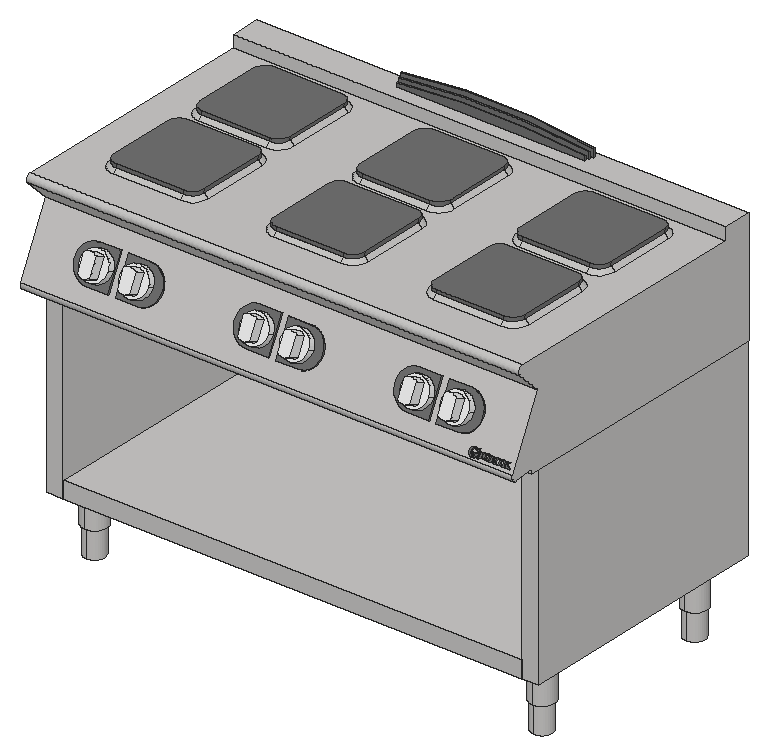
Revit family "QF_GIORIK_CE76QG", category Specialty Equipment, Revit 2014
Parameters (values of type "CE76QG")
  Weight in Pounds = 220.462
  Watts = 15600 W
  Volts = 400 V
  URL Cutsheet = "www.giorik.com"
  URL = "www.giorik.com"
  Status [instance] = ""
  Specification by User [instance] = ""
  Specification by Manufacturer = ""
  Show Logo [instance] = yes
  Show Clearance [instance] = yes
  Serial Number = ""
  Seismic Rating = ""
  SMACNA No = ""
  Revision Code [instance] = ""
  Phase = 3
  Number of Poles [instance] = 3
  NAFEM Spec ID Number = ""
  Model = "CE76QG"
  Min Ckt Ampacity = 0 A
  Max Overcurrent Protection = 0 A
  Masterspec = ""
  Manufacturer = "GIORIK"
  Item Number [instance] = ""
  Installed By [instance] = ""
  Identify Quantity as Lot [instance] = no
  HP = "20.919912000000"
  Furnished By [instance] = ""
  Foodservice Equipment Identifier [instance] = yes
  FL Amps = 0 A
  Electrical Remarks [instance] = ""
  Electric Connection Type [instance] = ""
  Elec Conn RI Height [instance] = 0 mm
  Elec Conn Connection Height [instance] = 150 mm
  Description = "6 ELECTRIC SQUARE PLATE HOB ON OPEN BASE UNIT"
  Cycle = 50 Hz
  Conn Plug = ""
  CSI MasterFormat = ""
  Assembly Code = "E1090320"
  Apparent Power = 15600 VA
Reference planes
  plane 1 "Back": y = 0
  plane 2: z = 0
  plane 3 "Left": x = 0
  plane 4 "Right": x = 1200
  plane 5 "Front": y = -720
  plane 6 "Top": z = 900
Forms (mm)
  Extrusion 1, solid, visible <- "Show Logo"
    sketch origin (996.604, -736.761, 609.486) x (-1, 0, 0) y (0, 0.452718, 0.891654)
      loop
        line (-118.824, 58.358) -> (-127.804, 58.358) -> (-125.523, 56.445) -> (-125.523, 48.027) -> (-127.804, 46.113) -> (-118.824, 46.113) -> (-121.105, 48.027) -> (-121.105, 56.445) -> (-118.824, 58.358)
      loop
        line (-163.721, 58.358) -> (-172.7, 58.358) -> (-170.42, 56.445) -> (-170.42, 48.027) -> (-172.7, 46.113) -> (-163.721, 46.113) -> (-166.001, 48.027) -> (-166.001, 56.445) -> (-163.721, 58.358)
      loop
        line (-174.332, 58.358) -> (-183.312, 58.358) -> (-181.031, 56.445) -> (-181.031, 52.435) -> (-186.419, 56.955) -> (-184.416, 58.358) -> (-191.268, 58.358) -> (-188.01, 56.839) -> (-185.455, 54.283) -> (-190.846, 47.858) -> (-193.396, 46.93) -> (-193.396, 46.113) -> (-184.416, 46.113) -> (-185.437, 47.571) -> (-182.443, 51.552) -> (-181.031, 50.894) -> (-181.031, 48.027) -> (-183.312, 46.113) -> (-174.332, 46.113) -> (-176.613, 48.027) -> (-176.613, 56.445) -> (-174.332, 58.358)
      loop
        line (-115.429, 62.063) -> (-115.429, 54.198)
        arc (-115.429, 54.198) -> (-111.618, 57.803) -> (-106.847, 59.986) r 16.039
        arc (-106.847, 59.986) -> (-103.314, 59.837) -> (-100.512, 57.68) r 5.851
        arc (-100.512, 57.68) -> (-98.815, 52.267) -> (-100.512, 46.853) r 9.479
        arc (-100.512, 46.853) -> (-102.406, 44.986) -> (-104.846, 43.93) r 7.236
        arc (-104.846, 43.93) -> (-107.728, 44.111) -> (-110.052, 45.825) r 5.11
        line (-110.052, 45.825) -> (-110.052, 52.001) -> (-116.141, 52.001) -> (-116.141, 45.503) -> (-117.893, 43.751) -> (-114.094, 44.769)
        arc (-114.094, 44.769) -> (-112.56, 44.947) -> (-111.129, 44.366) r 3.115
        arc (-111.129, 44.366) -> (-104.216, 42.091) -> (-97.303, 44.366) r 11.641
        arc (-97.303, 44.366) -> (-93.396, 52.107) -> (-97.303, 59.849) r 9.622
        arc (-97.303, 59.849) -> (-104.369, 62.174) -> (-111.435, 59.849) r 11.898
        line (-111.435, 59.849) -> (-115.429, 62.063)
      loop
        arc (-129.234, 56.068) -> (-135.893, 58.628) -> (-142.552, 56.068) r 9.941
        arc (-142.552, 56.068) -> (-144.234, 52.286) -> (-142.552, 48.505) r 5.093
        arc (-142.552, 48.505) -> (-135.893, 45.945) -> (-129.234, 48.505) r 9.941
        arc (-129.234, 48.505) -> (-127.552, 52.286) -> (-129.234, 56.068) r 5.093
      loop
        arc (-132.628, 54.403) -> (-135.893, 57.668) -> (-139.158, 54.403) r 3.265
        line (-139.158, 54.403) -> (-139.158, 50.169)
        arc (-139.158, 50.169) -> (-135.893, 46.904) -> (-132.628, 50.169) r 3.265
        line (-132.628, 50.169) -> (-132.628, 54.403)
      loop
        arc (-156.363, 58.365) -> (-159.647, 55.081) -> (-156.363, 51.796) r 3.285
        line (-156.363, 51.796) -> (-159.529, 47.306) -> (-162.087, 46.113) -> (-155.847, 46.113) -> (-153.529, 51.083) -> (-150.637, 51.083) -> (-150.637, 47.784) -> (-153.022, 46.113) -> (-144.011, 46.113) -> (-146.094, 47.68) -> (-146.094, 56.493) -> (-144.229, 58.365) -> (-156.363, 58.365)
      loop
        line (-150.637, 57.512) -> (-153.637, 57.512)
        arc (-153.637, 57.512) -> (-156.237, 54.912) -> (-153.637, 52.312) r 2.6
        line (-153.637, 52.312) -> (-150.637, 52.312) -> (-150.637, 57.512)
      loop
        line (-108.924, 52.001) -> (-104.936, 49.005) -> (-100.948, 52.001) -> (-108.924, 52.001)
    from 1.5 to -0.5
  Extrusion 2, solid
    sketch origin (-16, 1025.81, 0) x (1, 0, 0) y (0, 1, 0)
      loop
        line (25, -1086.81) -> (25, -1156.81) -> (115, -1156.81) -> (115, -1086.81) -> (25, -1086.81)
    from 148 to 150
  Extrusion 3, solid
    sketch origin (-4, 0, 130) x (1, 0, 0) y (0, 1, 0)
      loop
        circle (54, -385) r 12.5
    from 0 to 20
  Extrusion 4, solid
    sketch origin (0, 1000, -20) x (0, 1, 0) y (0, 0, 1)
      loop
        line (-1000, 919.988) -> (-1070, 919.988) -> (-1070, 889.988) -> (-1688.806, 889.988)
        arc (-1688.806, 889.988) -> (-1699.151, 883.075) -> (-1696.724, 870.873) r 11.197
        line (-1696.724, 870.873) -> (-1640.876, 815.025) -> (-1718.948, 661.258)
        arc (-1718.948, 661.258) -> (-1718.233, 650.105) -> (-1708.118, 645.354) r 10.981
        line (-1708.118, 645.354) -> (-1660, 649.925) -> (-1660, 640) -> (-1000, 640) -> (-1000, 919.988)
    from 0 to 1200
  Extrusion 5, solid
    sketch origin (0, 0, 599.536) x (1, 0, 0) y (0, 1, 0)
      loop
        line (0, -640) -> (40, -640) -> (40, -40) -> (1160, -40) -> (1160, -640) -> (1200, -640) -> (1200, 0) -> (0, 0) -> (0, -640)
    from -449.536 to 20.464
  Extrusion 6, solid
    sketch origin (0, 0, 0) x (1, 0, 0) y (0, 1, 0)
      loop
        line (40, -40) -> (40, -640) -> (1160, -640) -> (1160, -40) -> (40, -40)
    from 150 to 190
  Extrusion 7, solid
    sketch origin (-16, 560.81, 0) x (1, 0, 0) y (0, 1, 0)
      loop
        line (25, -1086.81) -> (25, -1156.81) -> (115, -1156.81) -> (115, -1086.81) -> (25, -1086.81)
    from 148 to 150
  Revolve 8, solid
    sketch origin (54, 560.81, 0) x (0, 1, 0) y (0, 0, 1)
      loop
        line (-1092.56, 66) -> (-1092.56, 148) -> (-1121.81, 148) -> (-1121.81, 0) -> (-1096.81, 0) -> (-1096.81, 66) -> (-1092.56, 66)
      axis (-1121.81, 0) -> (-1121.81, 148)
    angle from 0 to 360
  Revolve 9, solid
    sketch origin (54, 1025.81, 0) x (0, 1, 0) y (0, 0, 1)
      loop
        line (-1092.56, 66) -> (-1092.56, 148) -> (-1121.81, 148) -> (-1121.81, 0) -> (-1096.81, 0) -> (-1096.81, 66) -> (-1092.56, 66)
      axis (-1121.81, 0) -> (-1121.81, 148)
    angle from 0 to 360
  Extrusion 10, solid
    sketch origin (1216, 560.81, 0) x (-1, 0, 0) y (0, -1, 0)
      loop
        line (25, 1086.81) -> (115, 1086.81) -> (115, 1156.81) -> (25, 1156.81) -> (25, 1086.81)
    from 148 to 150
  Revolve 11, solid
    sketch origin (1146, 560.81, 0) x (0, 1, 0) y (0, 0, -1)
      loop
        line (-1092.56, -66) -> (-1096.81, -66) -> (-1096.81, 0) -> (-1121.81, 0) -> (-1121.81, -148) -> (-1092.56, -148) -> (-1092.56, -66)
      axis (-1121.81, 0) -> (-1121.81, -148)
    angle from 0 to 360
  Extrusion 12, solid
    sketch origin (1216, -1217.81, 0) x (-1, 0, 0) y (0, -1, 0)
      loop
        line (25, -1086.81) -> (25, -1156.81) -> (115, -1156.81) -> (115, -1086.81) -> (25, -1086.81)
    from 148 to 150
  Revolve 13, solid
    sketch origin (1146, -1217.81, 0) x (0, -1, 0) y (0, 0, 1)
      loop
        line (-1092.56, 66) -> (-1092.56, 148) -> (-1121.81, 148) -> (-1121.81, 0) -> (-1096.81, 0) -> (-1096.81, 66) -> (-1092.56, 66)
      axis (-1121.81, 0) -> (-1121.81, 148)
    angle from 0 to 360
  Extrusion 14, solid
    sketch origin (-263.221, -963.345, 52.363) x (1, 0, 0) y (0, 0.452718, 0.891654)
      loop
        line (463.221, 676.25) -> (463.221, 766.25) -> (409.698, 766.25)
        arc (409.698, 766.25) -> (364.698, 721.25) -> (409.698, 676.25) r 45
        line (409.698, 676.25) -> (463.221, 676.25)
    from 48 to 50
  Extrusion 15, solid
    sketch origin (511.331, -1008.697, 74.959) x (-1, 0, 0) y (0, -0.45351, -0.891251)
      loop
        circle (351.331, -721.346) r 35
    from 0 to 15
  Extrusion 16, solid
    sketch origin (511.331, -1008.697, 74.959) x (-1, 0, 0) y (0, -0.45351, -0.891251)
      loop
        arc (336.331, -743.846) -> (351.331, -748.846) -> (366.331, -743.846) r 25
        line (366.331, -743.846) -> (366.331, -698.846)
        arc (366.331, -698.846) -> (351.331, -693.846) -> (336.331, -698.846) r 25
        line (336.331, -698.846) -> (336.331, -743.846)
    from 15 to 40
  Extrusion 17, solid
    sketch origin (681.221, -963.345, 52.363) x (-1, 0, 0) y (0, -0.452718, -0.891654)
      loop
        line (463.221, -676.25) -> (409.698, -676.25)
        arc (409.698, -676.25) -> (364.698, -721.25) -> (409.698, -766.25) r 45
        line (409.698, -766.25) -> (463.221, -766.25) -> (463.221, -676.25)
    from 48 to 50
  Extrusion 18, solid
    sketch origin (-93.331, -1008.697, 74.959) x (1, 0, 0) y (0, 0.45351, 0.891251)
      loop
        circle (351.331, 721.346) r 35
    from 0 to 15
  Extrusion 19, solid
    sketch origin (-93.331, -1008.697, 74.959) x (1, 0, 0) y (0, 0.45351, 0.891251)
      loop
        line (336.331, 743.846) -> (336.331, 698.846)
        arc (336.331, 698.846) -> (351.331, 693.846) -> (366.331, 698.846) r 25
        line (366.331, 698.846) -> (366.331, 743.846)
        arc (366.331, 743.846) -> (351.331, 748.846) -> (336.331, 743.846) r 25
    from 15 to 40
  Extrusion 20, solid
    sketch origin (236.031, 0, -10.001) x (1, 0, 0) y (0, 0, 1)
      loop
        line (135, 909.989) -> (592.969, 909.989) -> (592.969, 919.989) -> (440.969, 929.989) -> (287, 929.989) -> (135, 919.989) -> (135, 909.989)
    from 32 to 35
  Extrusion 21, solid
    sketch origin (238, 10, -10.001) x (1, 0, 0) y (0, 0, 1)
      loop
        line (594, 909.989) -> (594, 924.989) -> (440, 937.489) -> (284, 937.489) -> (130, 925.001) -> (130, 909.989) -> (594, 909.989)
    from 32 to 35
  Extrusion 22, solid
    sketch origin (240, 20, -10.001) x (1, 0, 0) y (0, 0, 1)
      loop
        line (595, 909.989) -> (595, 930.001) -> (439, 945.258) -> (281, 945.258) -> (125, 929.989) -> (125, 909.989) -> (595, 909.989)
    from 32 to 35
  Extrusion 23, solid
    sketch origin (801.002, 17.5, 864.988) x (0, 1, 0) y (-1, 0, 0)
      loop
        arc (-121.5, -108) -> (-129.701, -88.201) -> (-149.5, -80) r 28
        line (-149.5, -80) -> (-313.5, -80)
        arc (-313.5, -80) -> (-333.299, -88.201) -> (-341.5, -108) r 28
        line (-341.5, -108) -> (-341.5, -271.998)
        arc (-341.5, -271.998) -> (-333.299, -291.797) -> (-313.5, -299.998) r 28
        line (-313.5, -299.998) -> (-149.5, -299.998)
        arc (-149.5, -299.998) -> (-129.701, -291.797) -> (-121.5, -271.998) r 28
        line (-121.5, -271.998) -> (-121.5, -108)
    from 23 to 15
  Blend 24, solid
    base sketch origin (1545.362, -805.004, 869.988) x (0, 1, 0) y (-1, 0, 0)
      loop
        arc (710.004, 636.36) -> (699.167, 662.523) -> (673.004, 673.36) r 37
        line (673.004, 673.36) -> (509.004, 673.36)
        arc (509.004, 673.36) -> (482.841, 662.523) -> (472.004, 636.36) r 37
        line (472.004, 636.36) -> (472.004, 472.362)
        arc (472.004, 472.362) -> (482.841, 446.199) -> (509.004, 435.362) r 37
        line (509.004, 435.362) -> (673.004, 435.362)
        arc (673.004, 435.362) -> (699.167, 446.199) -> (710.004, 472.362) r 37
        line (710.004, 472.362) -> (710.004, 636.36)
    top sketch origin (1545.362, -805.004, 900) x (0, 1, 0) y (-1, 0, 0)
      loop
        arc (701.004, 636.36) -> (692.803, 656.159) -> (673.004, 664.36) r 28
        line (673.004, 664.36) -> (509.004, 664.36)
        arc (509.004, 664.36) -> (489.205, 656.159) -> (481.004, 636.36) r 28
        line (481.004, 636.36) -> (481.004, 472.362)
        arc (481.004, 472.362) -> (489.205, 452.563) -> (509.004, 444.362) r 28
        line (509.004, 444.362) -> (673.004, 444.362)
        arc (673.004, 444.362) -> (692.803, 452.563) -> (701.004, 472.362) r 28
        line (701.004, 472.362) -> (701.004, 636.36)
    from 0 to -20.012
  Extrusion 25, solid
    sketch origin (19, 17.5, 864.988) x (0, 1, 0) y (-1, 0, 0)
      loop
        arc (-121.5, -108) -> (-129.701, -88.201) -> (-149.5, -80) r 28
        line (-149.5, -80) -> (-313.5, -80)
        arc (-313.5, -80) -> (-333.299, -88.201) -> (-341.5, -108) r 28
        line (-341.5, -108) -> (-341.5, -271.998)
        arc (-341.5, -271.998) -> (-333.299, -291.797) -> (-313.5, -299.998) r 28
        line (-313.5, -299.998) -> (-149.5, -299.998)
        arc (-149.5, -299.998) -> (-129.701, -291.797) -> (-121.5, -271.998) r 28
        line (-121.5, -271.998) -> (-121.5, -108)
    from 23 to 15
  Blend 26, solid
    base sketch origin (763.36, -805.004, 869.988) x (0, 1, 0) y (-1, 0, 0)
      loop
        arc (710.004, 636.36) -> (699.167, 662.523) -> (673.004, 673.36) r 37
        line (673.004, 673.36) -> (509.004, 673.36)
        arc (509.004, 673.36) -> (482.841, 662.523) -> (472.004, 636.36) r 37
        line (472.004, 636.36) -> (472.004, 472.362)
        arc (472.004, 472.362) -> (482.841, 446.199) -> (509.004, 435.362) r 37
        line (509.004, 435.362) -> (673.004, 435.362)
        arc (673.004, 435.362) -> (699.167, 446.199) -> (710.004, 472.362) r 37
        line (710.004, 472.362) -> (710.004, 636.36)
    top sketch origin (763.36, -805.004, 900) x (0, 1, 0) y (-1, 0, 0)
      loop
        arc (701.004, 636.36) -> (692.803, 656.159) -> (673.004, 664.36) r 28
        line (673.004, 664.36) -> (509.004, 664.36)
        arc (509.004, 664.36) -> (489.205, 656.159) -> (481.004, 636.36) r 28
        line (481.004, 636.36) -> (481.004, 472.362)
        arc (481.004, 472.362) -> (489.205, 452.563) -> (509.004, 444.362) r 28
        line (509.004, 444.362) -> (673.004, 444.362)
        arc (673.004, 444.362) -> (692.803, 452.563) -> (701.004, 472.362) r 28
        line (701.004, 472.362) -> (701.004, 636.36)
    from 0 to -20.012
  Extrusion 27, solid
    sketch origin (410.001, 17.5, 864.988) x (0, 1, 0) y (-1, 0, 0)
      loop
        arc (-121.5, -108) -> (-129.701, -88.201) -> (-149.5, -80) r 28
        line (-149.5, -80) -> (-313.5, -80)
        arc (-313.5, -80) -> (-333.299, -88.201) -> (-341.5, -108) r 28
        line (-341.5, -108) -> (-341.5, -271.998)
        arc (-341.5, -271.998) -> (-333.299, -291.797) -> (-313.5, -299.998) r 28
        line (-313.5, -299.998) -> (-149.5, -299.998)
        arc (-149.5, -299.998) -> (-129.701, -291.797) -> (-121.5, -271.998) r 28
        line (-121.5, -271.998) -> (-121.5, -108)
    from 23 to 15
  Blend 28, solid
    base sketch origin (1154.361, -805.004, 869.988) x (0, 1, 0) y (-1, 0, 0)
      loop
        arc (710.004, 636.36) -> (699.167, 662.523) -> (673.004, 673.36) r 37
        line (673.004, 673.36) -> (509.004, 673.36)
        arc (509.004, 673.36) -> (482.841, 662.523) -> (472.004, 636.36) r 37
        line (472.004, 636.36) -> (472.004, 472.362)
        arc (472.004, 472.362) -> (482.841, 446.199) -> (509.004, 435.362) r 37
        line (509.004, 435.362) -> (673.004, 435.362)
        arc (673.004, 435.362) -> (699.167, 446.199) -> (710.004, 472.362) r 37
        line (710.004, 472.362) -> (710.004, 636.36)
    top sketch origin (1154.361, -805.004, 900) x (0, 1, 0) y (-1, 0, 0)
      loop
        arc (701.004, 636.36) -> (692.803, 656.159) -> (673.004, 664.36) r 28
        line (673.004, 664.36) -> (509.004, 664.36)
        arc (509.004, 664.36) -> (489.205, 656.159) -> (481.004, 636.36) r 28
        line (481.004, 636.36) -> (481.004, 472.362)
        arc (481.004, 472.362) -> (489.205, 452.563) -> (509.004, 444.362) r 28
        line (509.004, 444.362) -> (673.004, 444.362)
        arc (673.004, 444.362) -> (692.803, 452.563) -> (701.004, 472.362) r 28
        line (701.004, 472.362) -> (701.004, 636.36)
    from 0 to -20.012
  Extrusion 29, solid
    sketch origin (801.002, -707.5, 864.988) x (0, -1, 0) y (1, 0, 0)
      loop
        line (-121.5, 108) -> (-121.5, 271.998)
        arc (-121.5, 271.998) -> (-129.701, 291.797) -> (-149.5, 299.998) r 28
        line (-149.5, 299.998) -> (-313.5, 299.998)
        arc (-313.5, 299.998) -> (-333.299, 291.797) -> (-341.5, 271.998) r 28
        line (-341.5, 271.998) -> (-341.5, 108)
        arc (-341.5, 108) -> (-333.299, 88.201) -> (-313.5, 80) r 28
        line (-313.5, 80) -> (-149.5, 80)
        arc (-149.5, 80) -> (-129.701, 88.201) -> (-121.5, 108) r 28
    from 23 to 15
  Blend 30, solid
    base sketch origin (1545.362, 115.004, 869.988) x (0, -1, 0) y (1, 0, 0)
      loop
        line (710.004, -636.36) -> (710.004, -472.362)
        arc (710.004, -472.362) -> (699.167, -446.199) -> (673.004, -435.362) r 37
        line (673.004, -435.362) -> (509.004, -435.362)
        arc (509.004, -435.362) -> (482.841, -446.199) -> (472.004, -472.362) r 37
        line (472.004, -472.362) -> (472.004, -636.36)
        arc (472.004, -636.36) -> (482.841, -662.523) -> (509.004, -673.36) r 37
        line (509.004, -673.36) -> (673.004, -673.36)
        arc (673.004, -673.36) -> (699.167, -662.523) -> (710.004, -636.36) r 37
    top sketch origin (1545.362, 115.004, 900) x (0, -1, 0) y (1, 0, 0)
      loop
        line (701.004, -636.36) -> (701.004, -472.362)
        arc (701.004, -472.362) -> (692.803, -452.563) -> (673.004, -444.362) r 28
        line (673.004, -444.362) -> (509.004, -444.362)
        arc (509.004, -444.362) -> (489.205, -452.563) -> (481.004, -472.362) r 28
        line (481.004, -472.362) -> (481.004, -636.36)
        arc (481.004, -636.36) -> (489.205, -656.159) -> (509.004, -664.36) r 28
        line (509.004, -664.36) -> (673.004, -664.36)
        arc (673.004, -664.36) -> (692.803, -656.159) -> (701.004, -636.36) r 28
    from 0 to -20.012
  Extrusion 31, solid
    sketch origin (19, -707.5, 864.988) x (0, -1, 0) y (1, 0, 0)
      loop
        line (-121.5, 108) -> (-121.5, 271.998)
        arc (-121.5, 271.998) -> (-129.701, 291.797) -> (-149.5, 299.998) r 28
        line (-149.5, 299.998) -> (-313.5, 299.998)
        arc (-313.5, 299.998) -> (-333.299, 291.797) -> (-341.5, 271.998) r 28
        line (-341.5, 271.998) -> (-341.5, 108)
        arc (-341.5, 108) -> (-333.299, 88.201) -> (-313.5, 80) r 28
        line (-313.5, 80) -> (-149.5, 80)
        arc (-149.5, 80) -> (-129.701, 88.201) -> (-121.5, 108) r 28
    from 23 to 15
  Blend 32, solid
    base sketch origin (763.36, 115.004, 869.988) x (0, -1, 0) y (1, 0, 0)
      loop
        line (710.004, -636.36) -> (710.004, -472.362)
        arc (710.004, -472.362) -> (699.167, -446.199) -> (673.004, -435.362) r 37
        line (673.004, -435.362) -> (509.004, -435.362)
        arc (509.004, -435.362) -> (482.841, -446.199) -> (472.004, -472.362) r 37
        line (472.004, -472.362) -> (472.004, -636.36)
        arc (472.004, -636.36) -> (482.841, -662.523) -> (509.004, -673.36) r 37
        line (509.004, -673.36) -> (673.004, -673.36)
        arc (673.004, -673.36) -> (699.167, -662.523) -> (710.004, -636.36) r 37
    top sketch origin (763.36, 115.004, 900) x (0, -1, 0) y (1, 0, 0)
      loop
        line (701.004, -636.36) -> (701.004, -472.362)
        arc (701.004, -472.362) -> (692.803, -452.563) -> (673.004, -444.362) r 28
        line (673.004, -444.362) -> (509.004, -444.362)
        arc (509.004, -444.362) -> (489.205, -452.563) -> (481.004, -472.362) r 28
        line (481.004, -472.362) -> (481.004, -636.36)
        arc (481.004, -636.36) -> (489.205, -656.159) -> (509.004, -664.36) r 28
        line (509.004, -664.36) -> (673.004, -664.36)
        arc (673.004, -664.36) -> (692.803, -656.159) -> (701.004, -636.36) r 28
    from 0 to -20.012
  Extrusion 33, solid
    sketch origin (410.001, -707.5, 864.988) x (0, -1, 0) y (1, 0, 0)
      loop
        line (-121.5, 108) -> (-121.5, 271.998)
        arc (-121.5, 271.998) -> (-129.701, 291.797) -> (-149.5, 299.998) r 28
        line (-149.5, 299.998) -> (-313.5, 299.998)
        arc (-313.5, 299.998) -> (-333.299, 291.797) -> (-341.5, 271.998) r 28
        line (-341.5, 271.998) -> (-341.5, 108)
        arc (-341.5, 108) -> (-333.299, 88.201) -> (-313.5, 80) r 28
        line (-313.5, 80) -> (-149.5, 80)
        arc (-149.5, 80) -> (-129.701, 88.201) -> (-121.5, 108) r 28
    from 23 to 15
  Blend 34, solid
    base sketch origin (1154.361, 115.004, 869.988) x (0, -1, 0) y (1, 0, 0)
      loop
        line (710.004, -636.36) -> (710.004, -472.362)
        arc (710.004, -472.362) -> (699.167, -446.199) -> (673.004, -435.362) r 37
        line (673.004, -435.362) -> (509.004, -435.362)
        arc (509.004, -435.362) -> (482.841, -446.199) -> (472.004, -472.362) r 37
        line (472.004, -472.362) -> (472.004, -636.36)
        arc (472.004, -636.36) -> (482.841, -662.523) -> (509.004, -673.36) r 37
        line (509.004, -673.36) -> (673.004, -673.36)
        arc (673.004, -673.36) -> (699.167, -662.523) -> (710.004, -636.36) r 37
    top sketch origin (1154.361, 115.004, 900) x (0, -1, 0) y (1, 0, 0)
      loop
        line (701.004, -636.36) -> (701.004, -472.362)
        arc (701.004, -472.362) -> (692.803, -452.563) -> (673.004, -444.362) r 28
        line (673.004, -444.362) -> (509.004, -444.362)
        arc (509.004, -444.362) -> (489.205, -452.563) -> (481.004, -472.362) r 28
        line (481.004, -472.362) -> (481.004, -636.36)
        arc (481.004, -636.36) -> (489.205, -656.159) -> (509.004, -664.36) r 28
        line (509.004, -664.36) -> (673.004, -664.36)
        arc (673.004, -664.36) -> (692.803, -656.159) -> (701.004, -636.36) r 28
    from 0 to -20.012
  Extrusion 35, solid
    sketch origin (1072.217, -963.345, 52.363) x (-1, 0, 0) y (0, -0.452718, -0.891654)
      loop
        line (463.221, -676.25) -> (409.698, -676.25)
        arc (409.698, -676.25) -> (364.698, -721.25) -> (409.698, -766.25) r 45
        line (409.698, -766.25) -> (463.221, -766.25) -> (463.221, -676.25)
    from 48 to 50
  Extrusion 36, solid
    sketch origin (297.665, -1008.697, 74.959) x (1, 0, 0) y (0, 0.45351, 0.891251)
      loop
        circle (351.331, 721.346) r 35
    from 0 to 15
  Extrusion 37, solid
    sketch origin (297.665, -1008.697, 74.959) x (1, 0, 0) y (0, 0.45351, 0.891251)
      loop
        line (336.331, 743.846) -> (336.331, 698.846)
        arc (336.331, 698.846) -> (351.331, 693.846) -> (366.331, 698.846) r 25
        line (366.331, 698.846) -> (366.331, 743.846)
        arc (366.331, 743.846) -> (351.331, 748.846) -> (336.331, 743.846) r 25
    from 15 to 40
  Extrusion 38, solid
    sketch origin (127.775, -963.345, 52.363) x (1, 0, 0) y (0, 0.452718, 0.891654)
      loop
        line (463.221, 676.25) -> (463.221, 766.25) -> (409.698, 766.25)
        arc (409.698, 766.25) -> (364.698, 721.25) -> (409.698, 676.25) r 45
        line (409.698, 676.25) -> (463.221, 676.25)
    from 48 to 50
  Extrusion 39, solid
    sketch origin (902.327, -1008.697, 74.959) x (-1, 0, 0) y (0, -0.45351, -0.891251)
      loop
        circle (351.331, -721.346) r 35
    from 0 to 15
  Extrusion 40, solid
    sketch origin (902.327, -1008.697, 74.959) x (-1, 0, 0) y (0, -0.45351, -0.891251)
      loop
        arc (336.331, -743.846) -> (351.331, -748.846) -> (366.331, -743.846) r 25
        line (366.331, -743.846) -> (366.331, -698.846)
        arc (366.331, -698.846) -> (351.331, -693.846) -> (336.331, -698.846) r 25
        line (336.331, -698.846) -> (336.331, -743.846)
    from 15 to 40
  Extrusion 41, solid
    sketch origin (518.781, -963.345, 52.363) x (1, 0, 0) y (0, 0.452718, 0.891654)
      loop
        line (463.221, 676.25) -> (463.221, 766.25) -> (409.698, 766.25)
        arc (409.698, 766.25) -> (364.698, 721.25) -> (409.698, 676.25) r 45
        line (409.698, 676.25) -> (463.221, 676.25)
    from 48 to 50
  Extrusion 42, solid
    sketch origin (1293.333, -1008.697, 74.959) x (-1, 0, 0) y (0, -0.45351, -0.891251)
      loop
        circle (351.331, -721.346) r 35
    from 0 to 15
  Extrusion 43, solid
    sketch origin (1293.333, -1008.697, 74.959) x (-1, 0, 0) y (0, -0.45351, -0.891251)
      loop
        arc (336.331, -743.846) -> (351.331, -748.846) -> (366.331, -743.846) r 25
        line (366.331, -743.846) -> (366.331, -698.846)
        arc (366.331, -698.846) -> (351.331, -693.846) -> (336.331, -698.846) r 25
        line (336.331, -698.846) -> (336.331, -743.846)
    from 15 to 40
  Extrusion 44, solid
    sketch origin (1463.223, -963.345, 52.363) x (-1, 0, 0) y (0, -0.452718, -0.891654)
      loop
        line (463.221, -676.25) -> (409.698, -676.25)
        arc (409.698, -676.25) -> (364.698, -721.25) -> (409.698, -766.25) r 45
        line (409.698, -766.25) -> (463.221, -766.25) -> (463.221, -676.25)
    from 48 to 50
  Extrusion 45, solid
    sketch origin (688.671, -1008.697, 74.959) x (1, 0, 0) y (0, 0.45351, 0.891251)
      loop
        circle (351.331, 721.346) r 35
    from 0 to 15
  Extrusion 46, solid
    sketch origin (688.671, -1008.697, 74.959) x (1, 0, 0) y (0, 0.45351, 0.891251)
      loop
        line (336.331, 743.846) -> (336.331, 698.846)
        arc (336.331, 698.846) -> (351.331, 693.846) -> (366.331, 698.846) r 25
        line (366.331, 698.846) -> (366.331, 743.846)
        arc (366.331, 743.846) -> (351.331, 748.846) -> (336.331, 743.846) r 25
    from 15 to 40
Lines and regions (mm)
  symbolic lines, style "200-EquipBorder-2D"
    curve 1: line (0, -720, 0) -> (1200, -720, 0)
    curve 2: line (1200, -720, 0) -> (1200, 0, 0)
    curve 3: line (1200, 0, 0) -> (0, 0, 0)
    curve 4: line (0, 0, 0) -> (0, -720, 0)
  symbolic lines, style "200-EquipInternal-2D"
    curve 5: line (0, -70, 900) -> (1200, -70, 900)
    curve 6: line (365, -12, 900) -> (835, -12, 900)
    curve 7: line (835, -12, 900) -> (835, -15, 900)
    curve 8: line (835, -15, 900) -> (365, -15, 900)
    curve 9: line (365, -15, 900) -> (365, -12, 900)
    curve 10: line (368, -22, 900) -> (832, -22, 900)
    curve 11: line (832, -22, 900) -> (832, -25, 900)
    curve 12: line (832, -25, 900) -> (368, -25, 900)
    curve 13: line (368, -25, 900) -> (368, -22, 900)
    curve 14: line (371.031, -32, 900) -> (829, -32, 900)
    curve 15: line (829, -32, 900) -> (829, -35, 900)
    curve 16: line (829, -35, 900) -> (371.031, -35, 900)
    curve 17: line (371.031, -35, 900) -> (371.031, -32, 900)
    curve 18: line (1073, -104, 0) -> (909.002, -104, 0)
    curve 19: arc (1101, -132, 0) -> (1092.799, -112.201, 0) -> (1073, -104, 0) r 28
    curve 20: line (1101, -296, 0) -> (1101, -132, 0)
    curve 21: arc (1073, -324, 0) -> (1092.799, -315.799, 0) -> (1101, -296, 0) r 28
    curve 22: line (909.002, -324, 0) -> (1073, -324, 0)
    curve 23: arc (881.002, -296, 0) -> (889.203, -315.799, 0) -> (909.002, -324, 0) r 28
    curve 24: line (881.002, -132, 0) -> (881.002, -296, 0)
    curve 25: arc (909.002, -104, 0) -> (889.203, -112.201, 0) -> (881.002, -132, 0) r 28
    curve 26: arc (909.002, -95, 0) -> (882.839, -105.837, 0) -> (872.002, -132, 0) r 37
    curve 27: line (1073, -95, 0) -> (909.002, -95, 0)
    curve 28: arc (1110, -132, 0) -> (1099.163, -105.837, 0) -> (1073, -95, 0) r 37
    curve 29: line (1110, -296, 0) -> (1110, -132, 0)
    curve 30: arc (1073, -333, 0) -> (1099.163, -322.163, 0) -> (1110, -296, 0) r 37
    curve 31: line (909.002, -333, 0) -> (1073, -333, 0)
    curve 32: arc (872.002, -296, 0) -> (882.839, -322.163, 0) -> (909.002, -333, 0) r 37
    curve 33: line (872.002, -132, 0) -> (872.002, -296, 0)
    curve 34: line (290.998, -104, 0) -> (127, -104, 0)
    curve 35: arc (318.998, -132, 0) -> (310.797, -112.201, 0) -> (290.998, -104, 0) r 28
    curve 36: line (318.998, -296, 0) -> (318.998, -132, 0)
    curve 37: arc (290.998, -324, 0) -> (310.797, -315.799, 0) -> (318.998, -296, 0) r 28
    curve 38: line (127, -324, 0) -> (290.998, -324, 0)
    curve 39: arc (99, -296, 0) -> (107.201, -315.799, 0) -> (127, -324, 0) r 28
    curve 40: line (99, -132, 0) -> (99, -296, 0)
    curve 41: arc (127, -104, 0) -> (107.201, -112.201, 0) -> (99, -132, 0) r 28
    curve 42: arc (127, -95, 0) -> (100.837, -105.837, 0) -> (90, -132, 0) r 37
    curve 43: line (290.998, -95, 0) -> (127, -95, 0)
    curve 44: arc (327.998, -132, 0) -> (317.161, -105.837, 0) -> (290.998, -95, 0) r 37
    curve 45: line (327.998, -296, 0) -> (327.998, -132, 0)
    curve 46: arc (290.998, -333, 0) -> (317.161, -322.163, 0) -> (327.998, -296, 0) r 37
    curve 47: line (127, -333, 0) -> (290.998, -333, 0)
    curve 48: arc (90, -296, 0) -> (100.837, -322.163, 0) -> (127, -333, 0) r 37
    curve 49: line (90, -132, 0) -> (90, -296, 0)
    curve 50: line (681.999, -104, 0) -> (518.001, -104, 0)
    curve 51: arc (709.999, -132, 0) -> (701.798, -112.201, 0) -> (681.999, -104, 0) r 28
    curve 52: line (709.999, -296, 0) -> (709.999, -132, 0)
    curve 53: arc (681.999, -324, 0) -> (701.798, -315.799, 0) -> (709.999, -296, 0) r 28
    curve 54: line (518.001, -324, 0) -> (681.999, -324, 0)
    curve 55: arc (490.001, -296, 0) -> (498.202, -315.799, 0) -> (518.001, -324, 0) r 28
    curve 56: line (490.001, -132, 0) -> (490.001, -296, 0)
    curve 57: arc (518.001, -104, 0) -> (498.202, -112.201, 0) -> (490.001, -132, 0) r 28
    curve 58: arc (518.001, -95, 0) -> (491.838, -105.837, 0) -> (481.001, -132, 0) r 37
    curve 59: line (681.999, -95, 0) -> (518.001, -95, 0)
    curve 60: arc (718.999, -132, 0) -> (708.162, -105.837, 0) -> (681.999, -95, 0) r 37
    curve 61: line (718.999, -296, 0) -> (718.999, -132, 0)
    curve 62: arc (681.999, -333, 0) -> (708.162, -322.163, 0) -> (718.999, -296, 0) r 37
    curve 63: line (518.001, -333, 0) -> (681.999, -333, 0)
    curve 64: arc (481.001, -296, 0) -> (491.838, -322.163, 0) -> (518.001, -333, 0) r 37
    curve 65: line (481.001, -132, 0) -> (481.001, -296, 0)
    curve 66: line (1073, -586, 0) -> (909.002, -586, 0)
    curve 67: arc (1101, -558, 0) -> (1092.799, -577.799, 0) -> (1073, -586, 0) r 28
    curve 68: line (1101, -394, 0) -> (1101, -558, 0)
    curve 69: arc (1073, -366, 0) -> (1092.799, -374.201, 0) -> (1101, -394, 0) r 28
    curve 70: line (909.002, -366, 0) -> (1073, -366, 0)
    curve 71: arc (881.002, -394, 0) -> (889.203, -374.201, 0) -> (909.002, -366, 0) r 28
    curve 72: line (881.002, -558, 0) -> (881.002, -394, 0)
    curve 73: arc (909.002, -586, 0) -> (889.203, -577.799, 0) -> (881.002, -558, 0) r 28
    curve 74: arc (909.002, -595, 0) -> (882.839, -584.163, 0) -> (872.002, -558, 0) r 37
    curve 75: line (1073, -595, 0) -> (909.002, -595, 0)
    curve 76: arc (1110, -558, 0) -> (1099.163, -584.163, 0) -> (1073, -595, 0) r 37
    curve 77: line (1110, -394, 0) -> (1110, -558, 0)
    curve 78: arc (1073, -357, 0) -> (1099.163, -367.837, 0) -> (1110, -394, 0) r 37
    curve 79: line (909.002, -357, 0) -> (1073, -357, 0)
    curve 80: arc (872.002, -394, 0) -> (882.839, -367.837, 0) -> (909.002, -357, 0) r 37
    curve 81: line (872.002, -558, 0) -> (872.002, -394, 0)
    curve 82: line (290.998, -586, 0) -> (127, -586, 0)
    curve 83: arc (318.998, -558, 0) -> (310.797, -577.799, 0) -> (290.998, -586, 0) r 28
    curve 84: line (318.998, -394, 0) -> (318.998, -558, 0)
    curve 85: arc (290.998, -366, 0) -> (310.797, -374.201, 0) -> (318.998, -394, 0) r 28
    curve 86: line (127, -366, 0) -> (290.998, -366, 0)
    curve 87: arc (99, -394, 0) -> (107.201, -374.201, 0) -> (127, -366, 0) r 28
    curve 88: line (99, -558, 0) -> (99, -394, 0)
    curve 89: arc (127, -586, 0) -> (107.201, -577.799, 0) -> (99, -558, 0) r 28
    curve 90: arc (127, -595, 0) -> (100.837, -584.163, 0) -> (90, -558, 0) r 37
    curve 91: line (290.998, -595, 0) -> (127, -595, 0)
    curve 92: arc (327.998, -558, 0) -> (317.161, -584.163, 0) -> (290.998, -595, 0) r 37
    curve 93: line (327.998, -394, 0) -> (327.998, -558, 0)
    curve 94: arc (290.998, -357, 0) -> (317.161, -367.837, 0) -> (327.998, -394, 0) r 37
    curve 95: line (127, -357, 0) -> (290.998, -357, 0)
    curve 96: arc (90, -394, 0) -> (100.837, -367.837, 0) -> (127, -357, 0) r 37
    curve 97: line (90, -558, 0) -> (90, -394, 0)
    curve 98: line (681.999, -586, 0) -> (518.001, -586, 0)
    curve 99: arc (709.999, -558, 0) -> (701.798, -577.799, 0) -> (681.999, -586, 0) r 28
    curve 100: line (709.999, -394, 0) -> (709.999, -558, 0)
    curve 101: arc (681.999, -366, 0) -> (701.798, -374.201, 0) -> (709.999, -394, 0) r 28
    curve 102: line (518.001, -366, 0) -> (681.999, -366, 0)
    curve 103: arc (490.001, -394, 0) -> (498.202, -374.201, 0) -> (518.001, -366, 0) r 28
    curve 104: line (490.001, -558, 0) -> (490.001, -394, 0)
    curve 105: arc (518.001, -586, 0) -> (498.202, -577.799, 0) -> (490.001, -558, 0) r 28
    curve 106: arc (518.001, -595, 0) -> (491.838, -584.163, 0) -> (481.001, -558, 0) r 37
    curve 107: line (681.999, -595, 0) -> (518.001, -595, 0)
    curve 108: arc (718.999, -558, 0) -> (708.162, -584.163, 0) -> (681.999, -595, 0) r 37
    curve 109: line (718.999, -394, 0) -> (718.999, -558, 0)
    curve 110: arc (681.999, -357, 0) -> (708.162, -367.837, 0) -> (718.999, -394, 0) r 37
    curve 111: line (518.001, -357, 0) -> (681.999, -357, 0)
    curve 112: arc (481.001, -394, 0) -> (491.838, -367.837, 0) -> (518.001, -357, 0) r 37
    curve 113: line (481.001, -558, 0) -> (481.001, -394, 0)
Dimensions and locks
  plane 3 "Left" to plane 4 "Right" = 1200 mm
  plane 5 "Front" to plane 1 "Back" = 720 mm
  plane 4 "Right" to plane 3 "Left" = 1200 mm
  plane 1 "Back" to plane 5 "Front" = 720 mm
  plane 6 "Top" to level = 900 mm  (x2)
  aligned and locked: level to plane 2
Connectors
  electrical at (50, -385, 130), driven by "Apparent Power", driven by "Volts", driven by "Number of Poles"
    settings: on Extrusion 3, index 1, voltage 400 V, apparent load 0 VA, apparent load phase1 15600 VA, apparent load phase2 0 VA, apparent load phase3 0 VA, power factor 1, load classification "Other", number of poles 3, system type 31, power factor state 1, is connector primary yes, connector utility no, sub classification motor no, connector description "Electrical connection"
